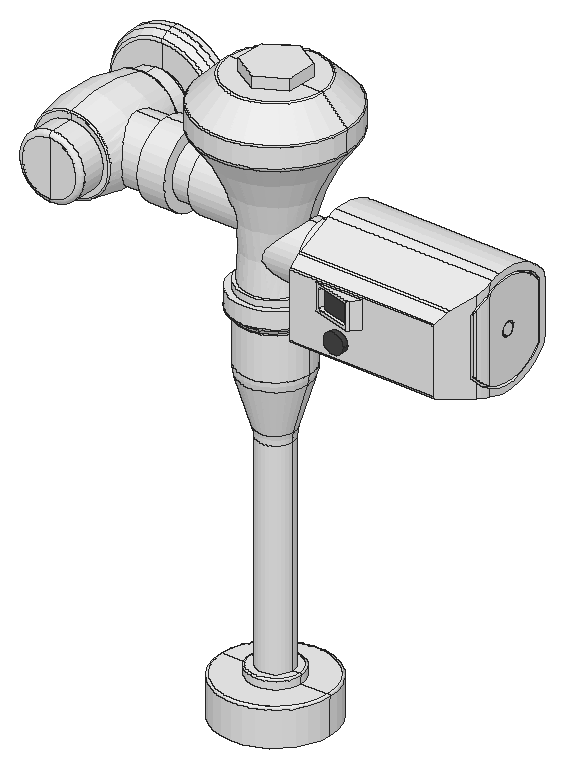
Revit family "Flush_Valve-Urinal-American_Standard-Ultima_Sensor-6145SM_Series", category Plumbing Fixtures, Revit 2014
Parameters (values of type "6145SM013.002")
  Waste Connection = no
  Warranty Information = "1 Year Limited Warranty"
  WFU = 0
  Vent Connection = no
  URL = "http://www.americanstandard-us.com/"
  Type Comments = ""
  Product Page URL = ""
  Product Documentation Link = ""
  Price = "Prices may vary. Please consult Manufacturer Representative for most up-to-date price list."  # constant formula
  Model = "6145SM013.002"
  Material = "Metal-American Standard-002-Polished Chrome"
  Manufacturer = "American Standard"
  Installation Type = "Surface Mounted"
  Height = 14 5/8"  # constant formula
  HWFU = 0
  HW Connection = no
  Flush Rate = "0.125 gpf (0.5 Lpf)"
  Finish = Brass-American Standard-002-Polished Chrome
  Description = "Ultima Sensor-Operated Urinal Flush Valve Diaphragm-Type"  # constant formula
  Default Elevation = 0"
  Creation Date = "02/14/2019"  # constant formula
  Cold Water Connection Width [instance] = 4 1/4"
  Cold Water Connection Radius = 3/8"
  Cold Water Connection Height = 11 1/2"  # constant formula
  Cold Water Connection Diameter = Cold Water Connection Radius * 2  # 3/4"
  Center to Wall [instance] = 2 1/4"
  CWFU = 10  # constant formula
  CW Connection = yes
  Assembly Code = "D2020300"
  ADA Compliant = yes
Types (4): name | Model | Flush Rate | Cold Water Connection Width
  (no name) | "6145SM013.002" | "0.125 gpf (0.5 Lpf)" | 4 1/4"
  6145SM013.002 | "6145SM013.002" | "0.125 gpf (0.5 Lpf)" | 4 1/4"
  6145SM051.002 | "6145SM051.002" | "0.5 gpf (0.9 Lpf)" | 5"
  6145SM101.002 | "6145SM101.002" | "1.0 gpf (3.8 Lpf)" | 5"
Reference planes (in)
  plane 1 "Center (Front/Back)": y = -1.78125
  plane 2: z = 0
  plane 3 "Center (Left/Right)": x = 0
  plane 4: y = 0.46875
  plane 5 "Box": x = 5.8125
  plane 6: x = -4.25
  plane 7: z = 14.625
  plane 8: z = 11.5
Forms (in)
  Revolve 1, solid, material "Brass-American Standard-002-Polished Chrome" <- "Finish"
    sketch origin (0, -1.78125, 0) x (1, 0, 0) y (0, 0, 1)
      loop
        line (-1.54407, 12.29181) -> (-1.54407, 12.18065) -> (-2.04407, 12.18065) -> (-2.04407, 12.43065) -> (-2.71122, 12.43065) -> (-2.71122, 12.29181) -> (-4.25, 12.29181) -> (-4.25, 11.5) -> (0, 11.5) -> (0, 12.29181) -> (-1.54407, 12.29181)
      axis (-4.25, 11.5) -> (0, 11.5)
    angle from 0 to 360
  Revolve 2, solid, material "Brass-American Standard-002-Polished Chrome" <- "Finish"
    sketch origin (-4.25, 0, 0) x (0, 1, 0) y (0, 0, 1)
      loop
        line (0.46875, 11.5) -> (-3.53125, 11.5) -> (-3.53125, 10.8227)
        arc (-3.53125, 10.8227) -> (-3.49721, 10.74051) -> (-3.41502, 10.70647) r 0.11623
        line (-3.41502, 10.70647) -> (-2.85232, 10.70647) -> (-2.85232, 10.56893)
        arc (-2.85232, 10.56893) -> (-2.84474, 10.54633) -> (-2.82508, 10.53285) r 0.03752
        arc (-2.82508, 10.53285) -> (-1.74471, 10.3916) -> (-0.66999, 10.57088) r 3.70304
        arc (-0.66999, 10.57088) -> (-0.6503, 10.58516) -> (-0.64278, 10.60829) r 0.03932
        line (-0.64278, 10.60829) -> (-0.64278, 10.70647) -> (-0.18947, 10.70647) -> (-0.18947, 10.82981) -> (-0.02031, 10.82981) -> (-0.02031, 10.22746)
        arc (-0.02031, 10.22746) -> (-0.01002, 10.18905) -> (0.0181, 10.16094) r 0.07681
        line (0.0181, 10.16094) -> (0.18273, 10.06589)
        arc (0.18273, 10.06589) -> (0.24872, 10.03855) -> (0.31954, 10.02923) r 0.27362
        line (0.31954, 10.02923) -> (0.46875, 10.02923) -> (0.46875, 11.5)
      axis (-3.53125, 11.5) -> (0.46875, 11.5)
    angle from 0 to 360
  Revolve 3, solid, material "Brass-American Standard-002-Polished Chrome" <- "Finish"
    sketch origin (0, -1.78125, 0) x (1, 0, 0) y (0, 0, 1)
      loop
        line (-0.42244, 1.12701) -> (-0.59975, 1.12701)
        arc (-0.59975, 1.12701) -> (-0.62567, 1.11627) -> (-0.63641, 1.09035) r 0.03666
        line (-0.63641, 1.09035) -> (-0.63641, 0.91184) -> (-1.31156, 0.91184)
        arc (-1.31156, 0.91184) -> (-1.34857, 0.89651) -> (-1.3639, 0.8595) r 0.05235
        line (-1.3639, 0.8595) -> (-1.3639, 0) -> (0, 0) -> (0, 14.34247) -> (-1.13482, 14.34247)
        arc (-1.13482, 14.34247) -> (-1.16074, 14.33732) -> (-1.18271, 14.32263) r 0.06773
        line (-1.18271, 14.32263) -> (-1.77436, 13.73099)
        arc (-1.77436, 13.73099) -> (-1.78766, 13.71108) -> (-1.79234, 13.68759) r 0.06138
        line (-1.79234, 13.68759) -> (-1.79234, 13.21029)
        arc (-1.79234, 13.21029) -> (-1.7858, 13.174) -> (-1.76703, 13.14227) r 0.10404
        arc (-1.76703, 13.14227) -> (-0.89757, 11.54725) -> (-0.76637, 9.73539) r 4.28889
        line (-0.76637, 9.73539) -> (-0.86169, 9.73539) -> (-0.86169, 9.5813) -> (-1.01874, 9.5813) -> (-1.01874, 9.17471)
        arc (-1.01874, 9.17471) -> (-1.01385, 9.1501) -> (-0.99991, 9.12924) r 0.0643
        line (-0.99991, 9.12924) -> (-0.87109, 9.00043)
        arc (-0.87109, 9.00043) -> (-0.85835, 8.98136) -> (-0.85388, 8.95886) r 0.05878
        line (-0.85388, 8.95886) -> (-0.85388, 7.89687)
        arc (-0.85388, 7.89687) -> (-0.84494, 7.77659) -> (-0.81832, 7.65895) r 0.81377
        line (-0.81832, 7.65895) -> (-0.45832, 6.48145)
        arc (-0.45832, 6.48145) -> (-0.43146, 6.36273) -> (-0.42244, 6.24135) r 0.82119
        line (-0.42244, 6.24135) -> (-0.42244, 1.12701)
      axis (0, 14.34247) -> (0, 0)
    angle from 0 to 360
  Extrusion 4, solid, material "Brass-American Standard-002-Polished Chrome" <- "Finish"
    sketch origin (0.14878, -180, 11.5) x (-1, 0, 0) y (0, -1, 0)
      loop
        line (0.14878, -178.96875) -> (0.79829, -178.59375) -> (0.79829, -177.84375) -> (0.14878, -177.46875) -> (-0.50074, -177.84375) -> (-0.50074, -178.59375) -> (0.14878, -178.96875)
    from 0 to 3.125
  Revolve 5, solid, material "Brass-American Standard-002-Polished Chrome" <- "Finish"
    sketch origin (0, -1.78125, 0) x (1, 0, 0) y (0, 0, 1)
      loop
        line (1.71353, 11.5) -> (1.17908, 11.5) -> (1.17908, 11.37396) -> (0, 11.37396) -> (0, 10.66593) -> (1.71353, 10.66593) -> (1.71353, 11.5)
      axis (1.71353, 10.66593) -> (0, 10.66593)
    angle from 0 to 360
  Extrusion 6, solid, material "Brass-American Standard-002-Polished Chrome" <- "Finish"
    sketch origin (0, 0, 0) x (0, 1, 0) y (0, 0, 1)
      loop
        arc (-0.7196, 11.54604) -> (-1.31604, 11.96411) -> (-2.04226, 12.02002) r 1.37902
        arc (-2.04226, 12.02002) -> (-2.15025, 11.99273) -> (-2.25444, 11.95331) r 0.97568
        line (-2.25444, 11.95331) -> (-3.14529, 11.55667)
        arc (-3.14529, 11.55667) -> (-3.17336, 11.54175) -> (-3.19908, 11.52306) r 0.22786
        line (-3.19908, 11.52306) -> (-3.44459, 11.31705)
        arc (-3.44459, 11.31705) -> (-3.45492, 11.3036) -> (-3.45859, 11.28703) r 0.03919
        line (-3.45859, 11.28703) -> (-3.45859, 9.6977)
        arc (-3.45859, 9.6977) -> (-3.45031, 9.67365) -> (-3.42898, 9.6598) r 0.03906
        line (-3.42898, 9.6598) -> (-2.0454, 9.31483)
        arc (-2.0454, 9.31483) -> (-2.00062, 9.30506) -> (-1.95534, 9.29794) r 0.77852
        arc (-1.95534, 9.29794) -> (-1.27706, 9.38238) -> (-0.72265, 9.78215) r 1.37902
        arc (-0.72265, 9.78215) -> (-0.66336, 9.88528) -> (-0.64278, 10.00245) r 0.34375
        line (-0.64278, 10.00245) -> (-0.64278, 11.333)
        arc (-0.64278, 11.333) -> (-0.66257, 11.44624) -> (-0.7196, 11.54604) r 0.3338
    from 1.71353 to 5.8125
  Extrusion 7, void
    sketch origin (0.14878, -180, 11.5) x (-1, 0, 0) y (0, -1, 0)
      loop
        line (-5.66372, -179.35722) -> (-5.66372, -177.66505)
        arc (-5.66372, -177.66505) -> (-5.64319, -177.49781) -> (-5.5828, -177.3405) r 0.69132
        line (-5.5828, -177.3405) -> (-5.01445, -176.27159) -> (-5.89562, -176.27159) -> (-6.00337, -179.35722) -> (-5.66372, -179.35722)
    from -2.81828 to 0.875
  Extrusion 8, solid, material "Brass-American Standard-002-Polished Chrome" <- "Finish"
    sketch origin (0.14878, -180, 11.5) x (-1, 0, 0) y (0, -1, 0)
      loop
        line (-2.04741, -176.58179) -> (-3.15006, -176.30686)
        arc (-3.15006, -176.30686) -> (-3.18801, -176.30902) -> (-3.21807, -176.33229) r 0.06409
        line (-3.21807, -176.33229) -> (-3.56785, -176.83184) -> (-2.04741, -176.83184) -> (-2.04741, -176.58179)
    from -0.91473 to -0.25
  Extrusion 9, void
    sketch origin (0.52072, -1.14364, 0) x (0.970296, -0.241922, 0) y (0, 0, 1)
      loop
        arc (2.51268, 11.19146) -> (2.46485, 11.17165) -> (2.44504, 11.12382) r 0.06763
        line (2.44504, 11.12382) -> (2.44504, 10.71083)
        arc (2.44504, 10.71083) -> (2.46449, 10.66388) -> (2.51145, 10.64443) r 0.06641
        line (2.51145, 10.64443) -> (3.20215, 10.64443)
        arc (3.20215, 10.64443) -> (3.24911, 10.66388) -> (3.26856, 10.71083) r 0.06641
        line (3.26856, 10.71083) -> (3.26856, 11.12505)
        arc (3.26856, 11.12505) -> (3.24911, 11.17201) -> (3.20215, 11.19146) r 0.06641
        line (3.20215, 11.19146) -> (2.51268, 11.19146)
    from 1.69834 to 1.80167
  Extrusion 10, solid, material "Black Sensor"
    sketch origin (0, -1.78125, 0) x (1, 0, 0) y (0, 0, 1)
      loop
        circle (2.88956, 10.10505) r 0.25
    from 0 to 1.80265
  Extrusion 11, void
    sketch origin (5.8125, 0, 0) x (0, 0, -1) y (0, -1, 0)
      loop
        circle (-10.66593, 1.78125) r 0.1816
      loop
        circle (-10.66593, 1.78125) r 0.13712
      loop
        line (-11.37543, 0.78504) -> (-9.93859, 0.78504)
        arc (-9.93859, 0.78504) -> (-9.42878, 1.78125) -> (-9.93859, 2.77746) r 1.22823
        line (-9.93859, 2.77746) -> (-11.37543, 2.77746)
        arc (-11.37543, 2.77746) -> (-11.88524, 1.78125) -> (-11.37543, 0.78504) r 1.22823
      loop
        arc (-11.35495, 2.71496) -> (-11.82274, 1.78125) -> (-11.35495, 0.84754) r 1.16573
        line (-11.35495, 0.84754) -> (-9.95907, 0.84754)
        arc (-9.95907, 0.84754) -> (-9.49128, 1.78125) -> (-9.95907, 2.71496) r 1.16573
        line (-9.95907, 2.71496) -> (-11.35495, 2.71496)
    from -0.14931 to 0.14401
Cuts and joins
  Extrusion 9, Extrusion 11 cuts Revolve 1
  Extrusion 9, Extrusion 11 cuts Revolve 2
  Extrusion 9, Extrusion 11 cuts Revolve 3
  Extrusion 9, Extrusion 11 cuts Extrusion 4
  Extrusion 9, Extrusion 11 cuts Revolve 5
  Extrusion 7, Extrusion 9, Extrusion 11 cuts Extrusion 6
  Extrusion 9, Extrusion 11 cuts Extrusion 8
  joined: Revolve 1, Revolve 2, Revolve 3, Extrusion 4, Revolve 5, Extrusion 6, Extrusion 8
Lines and regions (in)
  Masking region 1
    outline origin (0.14878, -180, 11.5) x (-1, 0, 0) y (0, -1, 0)
      loop
        line (2.92801, -180.46875) -> (5.86954, -180.46875) -> (5.86954, -180.33569)
        arc (5.86954, -180.33569) -> (5.8601, -180.25879) -> (5.83234, -180.18645) r 0.31788
        line (5.83234, -180.18645) -> (5.7512, -180.03386)
        arc (5.7512, -180.03386) -> (5.71364, -179.99427) -> (5.66105, -179.97969) r 0.10211
        line (5.66105, -179.97969) -> (5.06897, -179.97969) -> (5.06897, -179.81053) -> (5.19231, -179.81053) -> (5.19231, -179.35722) -> (5.32819, -179.35722)
        arc (5.32819, -179.35722) -> (5.54926, -178.25675) -> (5.37634, -177.14768) r 3.19701
        line (5.37634, -177.14768) -> (5.19231, -177.14768) -> (5.19231, -176.58046)
        arc (5.19231, -176.58046) -> (5.15896, -176.49996) -> (5.07846, -176.46662) r 0.11384
        line (5.07846, -176.46662) -> (3.71909, -176.46662)
        arc (3.71909, -176.46662) -> (3.63859, -176.49996) -> (3.60524, -176.58046) r 0.11384
        line (3.60524, -176.58046) -> (3.60524, -177.14768) -> (3.4308, -177.14768)
        arc (3.4308, -177.14768) -> (3.39514, -177.2867) -> (3.36462, -177.42694) r 3.90463
        line (3.36462, -177.42694) -> (2.85999, -177.42694) -> (2.85999, -177.2881) -> (2.19285, -177.2881) -> (2.19285, -177.5381) -> (1.80669, -177.5381)
        arc (1.80669, -177.5381) -> (0.23344, -176.42856) -> (-1.43751, -177.38468) r 1.7922
        line (-1.43751, -177.38468) -> (-1.56475, -177.38468) -> (-1.56475, -176.54141) -> (-2.20936, -176.54141) -> (-2.49078, -176.47124) -> (-2.49078, -176.4161) -> (-2.71194, -176.4161) -> (-3.15006, -176.30686)
        arc (-3.15006, -176.30686) -> (-3.18801, -176.30902) -> (-3.21807, -176.33229) r 0.06409
        line (-3.21807, -176.33229) -> (-3.36449, -176.54141) -> (-5.15792, -176.54141) -> (-5.5828, -177.3405)
        arc (-5.5828, -177.3405) -> (-5.64319, -177.49781) -> (-5.66372, -177.66505) r 0.69132
        line (-5.66372, -177.66505) -> (-5.66372, -179.35722) -> (-1.56475, -179.35722) -> (-1.56475, -179.05282) -> (-1.43751, -179.05282)
        arc (-1.43751, -179.05282) -> (0.23344, -180.00894) -> (1.80669, -178.8994) r 1.7922
        line (1.80669, -178.8994) -> (2.19285, -178.8994) -> (2.19285, -179.1494) -> (2.85999, -179.1494) -> (2.85999, -179.01056) -> (3.37773, -179.01056)
        arc (3.37773, -179.01056) -> (3.41956, -179.18494) -> (3.46936, -179.35722) r 3.90463
        line (3.46936, -179.35722) -> (3.60524, -179.35722) -> (3.60524, -179.81053) -> (3.72858, -179.81053) -> (3.72858, -179.97969) -> (3.1365, -179.97969)
        arc (3.1365, -179.97969) -> (3.08392, -179.99427) -> (3.04635, -180.03386) r 0.10211
        line (3.04635, -180.03386) -> (2.96522, -180.18645)
        arc (2.96522, -180.18645) -> (2.93745, -180.25879) -> (2.92801, -180.33569) r 0.31788
        line (2.92801, -180.33569) -> (2.92801, -180.46875)
  symbolic lines, detail levels medium+fine
    curve 1: arc (-1.65791, -1.1006, 11.5) -> (-1.80531, -1.78125, 11.5) -> (-1.65791, -2.4619, 11.5) r 1.64523
    curve 2: arc (1.58628, -0.94718, 11.5) -> (1.77787, -1.78125, 11.5) -> (1.58628, -2.61532, 11.5) r 1.9113
    curve 3: line (1.71353, -0.94718, 11.5) -> (1.71353, -1.28948, 11.5)
    curve 4: line (1.71353, -2.61532, 11.5) -> (1.71353, -2.27302, 11.5)
    curve 5: arc (-3.22895, -0.98944, 11.5) -> (-3.26795, -1.78163, 11.5) -> (-3.21584, -2.57306, 11.5) r 6.90527
  symbolic lines, detail levels fine
    curve 6: line (-4.92019, -0.02031, 11.5) -> (-3.57981, -0.02031, 11.5)
    curve 7: line (-4.92019, -0.18947, 11.5) -> (-3.57981, -0.18947, 11.5)
    curve 8: line (-5.04353, -0.64278, 11.5) -> (-3.45647, -0.64278, 11.5)
    curve 9: line (-5.04353, -2.85232, 11.5) -> (-3.45647, -2.85232, 11.5)
    curve 10: line (-2.71122, -2.57306, 11.5) -> (-2.71122, -0.98944, 11.5)
    curve 11: line (-2.04407, -1.1006, 11.5) -> (-2.04407, -2.4619, 11.5)
    curve 12: line (2.35813, -3.45859, 11.5) -> (3.51327, -3.45859, 11.5)
    curve 13: line (2.63956, -3.52876, 11.5) -> (2.86072, -3.5839, 11.5)
    curve 14: line (0, -1.03125, 11.5) -> (-0.64952, -1.40625, 11.5)
    curve 15: line (-0.64952, -1.40625, 11.5) -> (-0.64952, -2.15625, 11.5)
    curve 16: line (-0.64952, -2.15625, 11.5) -> (0, -2.53125, 11.5)
    curve 17: line (0, -2.53125, 11.5) -> (0.64952, -2.15625, 11.5)
    curve 18: line (0.64952, -2.15625, 11.5) -> (0.64952, -1.40625, 11.5)
    curve 19: line (0.64952, -1.40625, 11.5) -> (0, -1.03125, 11.5)
    curve 20: circle (0, -1.78125, 11.5) r 1.3639 normal (0, 0, 1)
Dimensions and locks (in)
  "Center to Wall": plane 4 to plane 1 "Center (Front/Back)"
  locked: plane 5 "Box" to plane 3 "Center (Left/Right)" at 5.8125
  "Cold Water Connection Width": plane 6 to plane 3 "Center (Left/Right)"
  "Height": plane 7 to level
  "Cold Water Connection Height": plane 8 to level
  locked: Revolve 1 sketch curve to plane 8 at 0.79181
  locked: Revolve 1 sketch curve to Revolve 1 sketch curve at 0.13884
  locked: Revolve 1 sketch curve to Revolve 1 sketch curve at 0.25
  locked: plane 3 "Center (Left/Right)" to Revolve 1 sketch curve at 1.54407
  locked: plane 3 "Center (Left/Right)" to Revolve 1 sketch curve at 2.04407
  locked: plane 3 "Center (Left/Right)" to Revolve 1 sketch curve at 2.71122
  locked: plane 8 to Revolve 2 sketch curve at 0.67019
  locked: plane 4 to Revolve 2 sketch curve at 0.48906
  locked: plane 8 to Revolve 2 sketch curve at 1.47077
  locked: plane 8 to Revolve 2 sketch curve at 0.79353
  locked: Revolve 2 sketch curve to Revolve 2 sketch curve at 0.67893
  locked: Revolve 2 sketch curve to Revolve 2 sketch curve at 0.4533
  locked: plane 1 "Center (Front/Back)" to Revolve 2 sketch curve at 1.75
  locked: Revolve 2 sketch curve to Revolve 2 sketch curve at 2.20954
  locked: plane 3 "Center (Left/Right)" to Revolve 3 sketch curve at 1.79234
  locked: Extrusion 6 sketch curve to plane 1 "Center (Front/Back)" at 1.13847
  locked: plane 1 "Center (Front/Back)" to Extrusion 6 sketch curve at 1.67734
  locked: Extrusion 10 to plane 1 "Center (Front/Back)" at 1.80265
  equal spacing: Masking region 1 sketch curve, plane 6, Masking region 1 sketch curve  (x4)
  locked: Masking region 1 sketch curve to Masking region 1 sketch curve at 2.94154
  locked: Masking region 1 sketch curve to plane 1 "Center (Front/Back)" at 1.75213
  locked: Masking region 1 sketch curve to Masking region 1 sketch curve at 1.58706  (x2)
  locked: Masking region 1 sketch curve to Masking region 1 sketch curve at 1.34039
  equal spacing: Masking region 1 sketch curve, plane 1 "Center (Front/Back)", Masking region 1 sketch curve  (x3)
  locked: Masking region 1 sketch curve to Masking region 1 sketch curve at 1.58361
  locked: Masking region 1 sketch curve to Masking region 1 sketch curve at 1.8613
  locked: Masking region 1 sketch curve to Masking region 1 sketch curve at 1.3613
  locked: Masking region 1 to curve 1 at 0.38616
  locked: curve 2 to Masking region 1 at 0.12725
  locked: plane 6 to curve 5 at 1.02105
  radius of Revolve 2 sketch curve = 3.70304"
  radius of Revolve 3 sketch curve = 4.28889"
  radius of Extrusion 6 sketch curve = 0.3338"
  radius of Extrusion 6 sketch curve = 11/32"
  radius of Extrusion 7 sketch curve = 0.69132"
  aligned and locked: plane 6 to Revolve 1 sketch curve
  aligned and locked: plane 8 to Revolve 1 sketch curve
  aligned and locked: Revolve 1 sketch curve to plane 3 "Center (Left/Right)"
  aligned and locked: Revolve 1 sketch curve to Revolve 1 sketch curve
  aligned and locked: Revolve 1 sketch curve to plane 8
  aligned and locked: Revolve 2 sketch curve to Revolve 2 sketch curve  (x2)
  aligned and locked: Revolve 2 sketch curve to plane 4
  aligned and locked: plane 8 to Revolve 2 sketch curve
  aligned and locked: plane 6 to Revolve 2
  aligned and locked: Revolve 3 sketch curve to plane 3 "Center (Left/Right)"
  aligned and locked: Extrusion 4 to plane 8
  aligned and locked: plane 7 to Extrusion 4
  aligned and locked: Extrusion 6 to cut or joined group 1 (Revolve 1, Revolve 2, Revolve 3, Extrusion 4, Revolve 5, Extrusion 6, Extrusion 7, Extrusion 8, Extrusion 9, Extrusion 11)
  aligned and locked: Extrusion 6 to plane 5 "Box"
  aligned and locked: plane 5 "Box" to Extrusion 7 sketch curve
  aligned and locked: Extrusion 8 to Extrusion 9
  aligned and locked: Extrusion 10 to plane 1 "Center (Front/Back)"
  aligned and locked: Masking region 1 sketch curve to plane 4
  aligned and locked: cut or joined group 1 to Masking region 1 sketch curve  (x5)
  aligned and locked: Masking region 1 sketch curve to cut or joined group 1  (x10)
  aligned and locked: curve 14 to cut or joined group 1
  aligned and locked: curve 15 to cut or joined group 1
  aligned and locked: curve 16 to cut or joined group 1
  aligned and locked: curve 17 to cut or joined group 1
  aligned and locked: curve 18 to cut or joined group 1
  aligned and locked: curve 19 to cut or joined group 1
  aligned and locked: curve 6 to Masking region 1
  aligned and locked: Masking region 1 to curve 6
  aligned and locked: curve 6 to cut or joined group 1
  aligned and locked: curve 7 to Masking region 1
  aligned and locked: Masking region 1 to curve 7
  aligned and locked: curve 7 to cut or joined group 1
  aligned and locked: curve 8 to Masking region 1
  aligned and locked: Masking region 1 to curve 8
  aligned and locked: curve 8 to cut or joined group 1
  aligned and locked: Masking region 1 to curve 5
  aligned and locked: curve 5 to Masking region 1
  aligned and locked: curve 10 to Masking region 1
  aligned and locked: Masking region 1 to curve 10
  aligned and locked: curve 10 to cut or joined group 1
  aligned and locked: Masking region 1 to curve 9
  aligned and locked: curve 9 to Masking region 1
  aligned and locked: curve 9 to cut or joined group 1
  aligned and locked: Masking region 1 to curve 11
  aligned and locked: curve 11 to Masking region 1
  aligned and locked: curve 11 to cut or joined group 1
  aligned and locked: Masking region 1 to curve 1
  aligned and locked: curve 1 to Masking region 1
  aligned and locked: Masking region 1 to curve 2
  aligned and locked: curve 2 to Masking region 1
  aligned and locked: cut or joined group 1 to curve 3
  aligned and locked: curve 4 to cut or joined group 1
  aligned and locked: curve 13 to Masking region 1  (x2)
  aligned and locked: cut or joined group 1 to curve 13
  aligned and locked: Masking region 1 to curve 12
  aligned and locked: cut or joined group 1 to curve 12
  aligned and locked: curve 12 to cut or joined group 1
Automatic sketch dimensions
  plane 3 "Center (Left/Right)" to Revolve 1 sketch curve = 1 1/4"
  Revolve 1 sketch curve to Revolve 1 sketch curve = 3/4"
  Revolve 2 sketch curve to Revolve 2 sketch curve = 0.11623"
  Revolve 2 sketch curve to Revolve 2 sketch curve = 0.03752"
  plane 1 "Center (Front/Back)" to Revolve 2 sketch curve = 0.0288"
  Revolve 2 sketch curve to Revolve 2 sketch curve = 0.03932"
  Revolve 2 sketch curve to Revolve 2 sketch curve = 0.03841"
  Revolve 2 sketch curve to Revolve 2 sketch curve = 0.07681"
  Revolve 2 sketch curve to Revolve 2 sketch curve = 0.16463"
  Revolve 2 sketch curve to Revolve 2 sketch curve = 0.13681"
  Revolve 2 sketch curve to Revolve 2 sketch curve = 0.03666"
  Revolve 2 sketch curve to Revolve 2 sketch curve = 0.13754"
  Revolve 2 sketch curve to Revolve 2 sketch curve = 0.09818"
  Revolve 2 sketch curve to plane 1 "Center (Front/Back)" = 0.68735"
  Revolve 2 sketch curve to Revolve 2 sketch curve = 0.31265"
  Revolve 2 sketch curve to Revolve 2 sketch curve = 0.09505"
  Revolve 2 sketch curve to plane 7 = 0.53094"
  Revolve 3 sketch curve to level = 0"
  Revolve 3 sketch curve to plane 3 "Center (Left/Right)" = 0"
  Revolve 3 sketch curve to plane 7 = 0.89401"
  Revolve 3 sketch curve to Revolve 3 sketch curve = 0.01798"
  Revolve 3 sketch curve to Revolve 3 sketch curve = 0.0434"
  Revolve 3 sketch curve to Revolve 3 sketch curve = 0.10404"
  level to Revolve 3 sketch curve = 0.8595"
  Revolve 3 sketch curve to plane 3 "Center (Left/Right)" = 1.3639"
  Revolve 3 sketch curve to Revolve 3 sketch curve = 0.05235"
  Revolve 3 sketch curve to plane 3 "Center (Left/Right)" = 1.24362"
  Revolve 3 sketch curve to plane 7 = 0.30237"
  Revolve 3 sketch curve to Revolve 3 sketch curve = 0.59164"
  Revolve 3 sketch curve to Revolve 3 sketch curve = 0.04789"  (x2)
  Revolve 3 sketch curve to plane 3 "Center (Left/Right)" = 1.01874"
  Revolve 3 sketch curve to Revolve 3 sketch curve = 0.01883"
  Revolve 3 sketch curve to Revolve 3 sketch curve = 0.04547"
  Revolve 3 sketch curve to Revolve 3 sketch curve = 0.08725"
  Revolve 3 sketch curve to Revolve 3 sketch curve = 0.04157"
  Revolve 3 sketch curve to Revolve 3 sketch curve = 0.15705"
  Revolve 3 sketch curve to Revolve 3 sketch curve = 0.01722"
  Revolve 3 sketch curve to Revolve 3 sketch curve = 0.03556"
  Revolve 3 sketch curve to plane 3 "Center (Left/Right)" = 0.63641"
  Revolve 3 sketch curve to Revolve 3 sketch curve = 0.03666"
  Revolve 3 sketch curve to plane 3 "Center (Left/Right)" = 0.45832"
  Revolve 3 sketch curve to Revolve 3 sketch curve = 0.03588"
  Revolve 3 sketch curve to plane 3 "Center (Left/Right)" = 0.04011"
  Revolve 3 sketch curve to Revolve 3 sketch curve = 0.1785"
  Revolve 3 sketch curve to Revolve 3 sketch curve = 1.1775"
  Revolve 3 sketch curve to Revolve 3 sketch curve = 1.06199"
  Revolve 3 sketch curve to Revolve 3 sketch curve = 0.12881"
  Revolve 3 sketch curve to Revolve 3 sketch curve = 0.40659"
  Revolve 3 sketch curve to Revolve 3 sketch curve = 0.15409"
  Revolve 3 sketch curve to Revolve 3 sketch curve = 0.4773"
  Revolve 3 sketch curve to Revolve 3 sketch curve = 0.02531"
  Revolve 3 sketch curve to Revolve 3 sketch curve = 0"
  Revolve 3 sketch curve to Revolve 3 sketch curve = 0.09532"
  Revolve 3 sketch curve to Revolve 3 sketch curve = 0.60366"
  Revolve 3 sketch curve to Revolve 3 sketch curve = 0.06177"
  Revolve 5 sketch curve to plane 3 "Center (Left/Right)" = 0"
  Revolve 5 sketch curve to plane 8 = 0"
  plane 3 "Center (Left/Right)" to Revolve 5 sketch curve = 1.17908"
  Revolve 5 sketch curve to Revolve 5 sketch curve = 0.53445"
  Revolve 5 sketch curve to plane 8 = 0.12604"
  Revolve 5 sketch curve to plane 8 = 0.83407"
  Revolve 5 sketch curve to Revolve 5 sketch curve = 0.69944"
  Revolve 5 sketch curve to Revolve 5 sketch curve = 0.19642"
  Revolve 5 sketch curve to Revolve 5 sketch curve = 0"
  Extrusion 7 sketch curve to plane 5 "Box" = 0.23189"
  Extrusion 7 sketch curve to Extrusion 7 sketch curve = 0.33964"
  plane 5 "Box" to Extrusion 7 sketch curve = 0.08092"
  plane 5 "Box" to Extrusion 7 sketch curve = 0.64927"
  plane 4 to Extrusion 7 sketch curve = 1.11153"
  plane 1 "Center (Front/Back)" to Extrusion 7 sketch curve = 0.5537"
  Extrusion 7 sketch curve to Extrusion 7 sketch curve = 1.06891"
  Extrusion 6 sketch curve to Extrusion 6 sketch curve = 0"  (x4)
  Extrusion 6 sketch curve to plane 1 "Center (Front/Back)" = 0"
  Extrusion 6 sketch curve to plane 8 = 0.18295"
  Extrusion 6 sketch curve to Extrusion 6 sketch curve = 0.014"
  Extrusion 6 sketch curve to Extrusion 6 sketch curve = 0.02961"
  Extrusion 6 sketch curve to Extrusion 6 sketch curve = 5/128"
  Extrusion 6 sketch curve to Extrusion 6 sketch curve = 0.02519"
  plane 8 to Extrusion 6 sketch curve = 0.02306"
  Extrusion 6 sketch curve to Extrusion 6 sketch curve = 0.24551"
  plane 8 to Extrusion 6 sketch curve = 0.05667"
  Extrusion 6 sketch curve to Extrusion 6 sketch curve = 0.05379"
  Extrusion 6 sketch curve to plane 8 = 0.15148"
  plane 1 "Center (Front/Back)" to Extrusion 6 sketch curve = 0.47319"
  plane 1 "Center (Front/Back)" to Extrusion 6 sketch curve = 0.26415"
  plane 1 "Center (Front/Back)" to Extrusion 6 sketch curve = 0.07634"
  plane 1 "Center (Front/Back)" to Extrusion 6 sketch curve = 0.07581"
  Extrusion 6 sketch curve to plane 8 = 0.43802"
  Extrusion 6 sketch curve to Extrusion 6 sketch curve = 0.39605"
  Extrusion 6 sketch curve to Extrusion 6 sketch curve = 0.5957"
  Extrusion 6 sketch curve to Extrusion 6 sketch curve = 0.06778"
  Extrusion 6 sketch curve to Extrusion 6 sketch curve = 1.58933"
  Extrusion 6 sketch curve to Extrusion 6 sketch curve = 0.75539"
  Extrusion 6 sketch curve to plane 8 = 0.167"
  plane 8 to Extrusion 6 sketch curve = 0.45331"
  plane 5 "Box" to Extrusion 8 sketch curve = 2.09587"
  Extrusion 8 sketch curve to Extrusion 8 sketch curve = 0.34979"
  Extrusion 8 sketch curve to Extrusion 8 sketch curve = 0.0525"
  Extrusion 8 sketch curve to Extrusion 8 sketch curve = 0.0155"
  Extrusion 8 sketch curve to Extrusion 8 sketch curve = 1.10265"
  plane 1 "Center (Front/Back)" to Extrusion 8 sketch curve = 1.38691"
  Extrusion 8 sketch curve to Extrusion 8 sketch curve = 0.25005"
  Extrusion 8 sketch curve to Extrusion 8 sketch curve = 0.46279"
  Extrusion 8 sketch curve to Extrusion 8 sketch curve = 0.03676"
  Extrusion 9 sketch curve to plane 8 = 0.78917"
  Extrusion 9 sketch curve to Extrusion 9 sketch curve = 17/256"  (x2)
  Extrusion 9 sketch curve to Extrusion 9 sketch curve = 0.06763"
  Extrusion 9 sketch curve to Extrusion 9 sketch curve = 0.6907"
  Extrusion 9 sketch curve to Extrusion 9 sketch curve = 0"
  Extrusion 9 sketch curve to plane 8 = 0.37618"
  Extrusion 10 sketch curve to plane 8 = 1.39495"
  plane 3 "Center (Left/Right)" to Extrusion 10 sketch curve = 2.88956"
  Extrusion 11 sketch curve to Extrusion 11 sketch curve = 0"  (x8)
  Extrusion 11 sketch curve to plane 1 "Center (Front/Back)" = 0"  (x2)
  Extrusion 11 sketch curve to plane 8 = 0.12457"
  Extrusion 11 sketch curve to plane 8 = 0.83407"
  Extrusion 11 sketch curve to Extrusion 11 sketch curve = 0.00892"
  Extrusion 11 sketch curve to Extrusion 11 sketch curve = 0.71842"
  Extrusion 11 sketch curve to plane 1 "Center (Front/Back)" = 0.99621"
  Extrusion 11 sketch curve to Extrusion 11 sketch curve = 0.02048"  (x3)
  Extrusion 11 sketch curve to Extrusion 11 sketch curve = 1/16"  (x2)
  Masking region 1 sketch curve to Masking region 1 sketch curve = 0"  (x5)
  plane 1 "Center (Front/Back)" to Masking region 1 sketch curve = 0"
  Masking region 1 sketch curve to plane 3 "Center (Left/Right)" = 0"
  plane 5 "Box" to Masking region 1 sketch curve = 0.08092"
  plane 5 "Box" to Masking region 1 sketch curve = 0.5058"
  Masking region 1 sketch curve to Masking region 1 sketch curve = 0.14643"
  Masking region 1 sketch curve to Masking region 1 sketch curve = 0.0525"
  Masking region 1 sketch curve to Masking region 1 sketch curve = 0.0155"
  Masking region 1 sketch curve to Masking region 1 sketch curve = 0.64461"
  Masking region 1 sketch curve to Masking region 1 sketch curve = 0.38616"
  plane 1 "Center (Front/Back)" to Masking region 1 sketch curve = 0.03166"  (x2)
  Masking region 1 sketch curve to Masking region 1 sketch curve = 41/256"
  plane 4 to Masking region 1 sketch curve = 0.13306"  (x2)
  plane 4 to Masking region 1 sketch curve = 0.2823"  (x2)
  Masking region 1 sketch curve to Masking region 1 sketch curve = 0.03721"
  Masking region 1 sketch curve to Masking region 1 sketch curve = 0.08113"  (x2)
  Masking region 1 sketch curve to Masking region 1 sketch curve = 0.09016"  (x2)
  Masking region 1 sketch curve to Masking region 1 sketch curve = 0.06618"
  Masking region 1 sketch curve to Masking region 1 sketch curve = 0.09164"
  Masking region 1 sketch curve to Masking region 1 sketch curve = 0.13588"  (x2)
  Masking region 1 sketch curve to Masking region 1 sketch curve = 0.11384"  (x2)
  Masking region 1 sketch curve to Masking region 1 sketch curve = 7/64"
  Masking region 1 sketch curve to Masking region 1 sketch curve = 0.04794"  (x2)
  Masking region 1 sketch curve to Masking region 1 sketch curve = 0.3044"
  Masking region 1 sketch curve to Masking region 1 sketch curve = 0.84327"
  Masking region 1 sketch curve to Masking region 1 sketch curve = 0.17236"
  Masking region 1 sketch curve to Masking region 1 sketch curve = 0.03676"
  Masking region 1 sketch curve to Masking region 1 sketch curve = 0.45362"
  Masking region 1 sketch curve to Masking region 1 sketch curve = 0.28142"
  Masking region 1 sketch curve to Masking region 1 sketch curve = 0.07017"
  Masking region 1 sketch curve to Masking region 1 sketch curve = 0.05514"
  Masking region 1 sketch curve to Masking region 1 sketch curve = 0.22116"
  Masking region 1 sketch curve to Masking region 1 sketch curve = 0.12725"  (x2)
  Masking region 1 sketch curve to Masking region 1 sketch curve = 0.12531"
  plane 1 "Center (Front/Back)" to curve 20 = 0"
  curve 20 to plane 3 "Center (Left/Right)" = 0"
  plane 1 "Center (Front/Back)" to curve 2 = 0"
  plane 1 "Center (Front/Back)" to curve 1 = 0"
  curve 5 to plane 1 "Center (Front/Back)" = 0.0568"
  curve 2 to plane 3 "Center (Left/Right)" = 0.13343"
  curve 2 to curve 1 = 0.02665"
  curve 2 to curve 3 = 0"
  curve 2 to curve 4 = 0"
  curve 12 to curve 13 = 0.12531"
  curve 5 to curve 9 = 0.24063"
  radius of Extrusion 10 sketch curve = 1/4"
  radius of Extrusion 11 sketch curve = 0.1816"
  radius of Extrusion 11 sketch curve = 0.13712"
  radius of curve 20 = 1.3639"
Connectors (in)
  piping at (-4.25, 0.46875, 11.5), diameter 0.75, driven by "CWFU", driven by "Cold Water Connection Radius"
    settings: on cut or joined group 1, index 1, connector inside diameter 24", connector length 0", flow factor 0, pipe flow 0 GPM, pressure drop 0.00 psi, fitting loss kfactor 0, connector angle 0.00°, fixture units 10, engagement length 0", angle of deflection 0.00°, flow configuration 3, flow direction 1, fitting loss method 0, system type 20, joint type 0, gender type 0, connector reference index -1, connector utility 0, adjustable connector no, is connector primary yes, connector description "3/4\" I.P.S CW Inlet"
